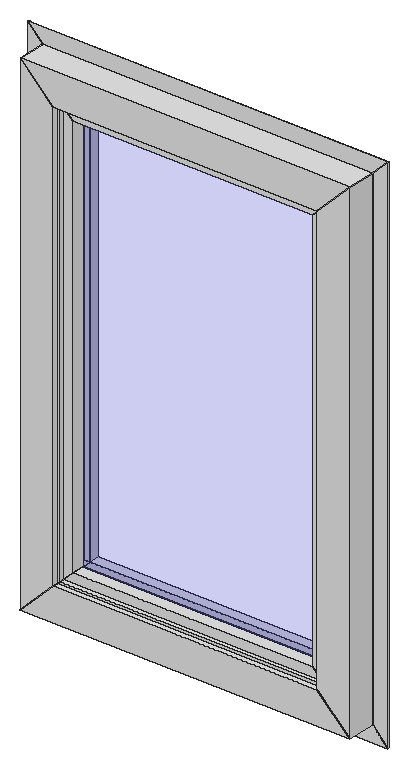
Revit family "511_CA_HR_nailfin", category Windows, host Wall, Revit 2016
Family settings
  Host = Wall
  OmniClass Number = 23.30.20.00
  OmniClass Title = Windows
  Always vertical = Yes
  Cut with Voids When Loaded = No
  Shared = No
  Room Calculation Point = No
Parameters (values of type "24x36")
  MLW = 3.2495"
  MLH = 1 / 2 * Height  # 18"
  Interior Color [instance] = White
  Height = 36"
  Exterior Color [instance] = White
  Default Sill Height = 31.49606"
  Wall Closure = By host
  Width = 24"
Types (18): name | MLH | Interior Color | Height | Exterior Color | Width
  (no name) | 18" | White | 36" | White | 24"
  24x36 | 18" | White | 36" | White | 24"
  13.5x19.75Min | 9 7/8" | none | 19 3/4" | none | 13 1/2"
  36x60Max | 30" | none | 60" | none | 36"
  30x72Max | 36" | none | 72" | none | 30"
  24x42 | 21" | none | 42" | none | 24"
  24x48 | 24" | none | 48" | none | 24"
  24x54 | 27" | none | 54" | none | 24"
  30x36 | 18" | none | 36" | none | 30"
  30x42 | 21" | none | 42" | none | 30"
  30x48 | 24" | none | 48" | none | 30"
  30x54 | 27" | none | 54" | none | 30"
  30x60 | 30" | none | 60" | none | 30"
  30x66 | 33" | none | 66" | none | 30"
  24x60 | 30" | none | 60" | none | 24"
  36x42 | 21" | none | 42" | none | 36"
  36x48 | 24" | none | 48" | none | 36"
  36x54 | 27" | none | 54" | none | 36"
Reference planes (in)
  plane 1 "Center (Front/Back)": y = 0
  plane 2 "Center (Left/Right)": x = 0
  plane 3 "Left": x = -12
  plane 4 "Right": x = 12
  plane 5 "Sill": z = 31.49606
  plane 6 "Head": z = 67.49606
  plane 7 "Exterior": y = 3.93701
  plane 8 "Interior": y = -3.93701
  plane 9 "Front of wall": y = 3.93701
  plane 10: z = 34.26132
  plane 11: z = 64.74759
  plane 12: x = -9.2505
  plane 13: x = 9.2515
  plane 14 "MLW1": x = 8.7505
  plane 15 "MLW2": x = -8.7505
  plane 16 "Front of glass": y = 4.22346
Forms (in)
  Extrusion 1, solid, material "White" <- "Interior Color"
    sketch origin (0, 0, 0) x (0, -1, 0) y (0, 0, 1)
      loop
        line (-3.47571, 34.74556) -> (-3.47571, 34.26132) -> (-4.22346, 34.26132) -> (-4.22346, 34.72234) -> (-4.25371, 34.703) -> (-5.00147, 34.703) -> (-5.00147, 34.12056) -> (-5.04146, 34.12056) -> (-5.04146, 32.11288) -> (-5.38746, 32.06425) -> (-5.38746, 31.47606) -> (-5.26246, 31.47606) -> (-5.26246, 31.51606) -> (-5.1091, 31.51606) -> (-5.07446, 31.49606) -> (-4.0116, 31.49606) -> (-4.0116, 30.37106) -> (-3.93701, 30.37106) -> (-3.93701, 31.49606) -> (-1.87451, 31.49606) -> (-1.87451, 33.88554) -> (-2.26246, 33.88554) -> (-2.26246, 34.07354) -> (-2.59146, 34.07354) -> (-2.59146, 34.74556) -> (-3.47571, 34.74556)
    from -13.125 to 13.125
  Extrusion 2, solid, material "White" <- "Interior Color"
    sketch origin (0, 0, 0) x (0, -1, 0) y (0, 0, 1)
      loop
        line (-1.88701, 65.12106) -> (-1.88701, 67.49606) -> (-3.93701, 67.49606) -> (-3.93701, 68.62106) -> (-4.01201, 68.62106) -> (-4.01201, 67.49606) -> (-5.07401, 67.49606) -> (-5.10865, 67.47606) -> (-5.25659, 67.47606) -> (-5.26201, 67.51606) -> (-5.38701, 67.51606) -> (-5.38701, 66.92787) -> (-5.04101, 66.87925) -> (-5.04101, 64.87156) -> (-5.00101, 64.87156) -> (-5.00101, 64.30847) -> (-4.26091, 64.30847) -> (-4.22301, 64.28424) -> (-4.22301, 64.74759) -> (-3.47851, 64.74759) -> (-3.47851, 64.24656) -> (-2.59101, 64.24656) -> (-2.59101, 64.93306) -> (-2.26201, 64.93306) -> (-2.26201, 65.12106) -> (-1.88701, 65.12106)
    from -13.125 to 13.125
  Extrusion 3, solid, material "White" <- "Interior Color"
    sketch origin (0, 0, 31.49606) x (0, -1, 0) y (1, 0, 0)
      loop
        line (-1.88701, -12) -> (-1.88701, -9.625) -> (-2.26201, -9.625) -> (-2.26201, -9.437) -> (-2.59101, -9.437) -> (-2.59101, -8.7505) -> (-3.47851, -8.7505) -> (-3.47851, -9.2505) -> (-4.22301, -9.2505) -> (-4.22301, -8.7882) -> (-4.26101, -8.8125) -> (-5.00101, -8.8125) -> (-5.00101, -9.3755) -> (-5.04101, -9.3755) -> (-5.04101, -11.38318) -> (-5.38701, -11.43181) -> (-5.38701, -12.02) -> (-5.26201, -12.02) -> (-5.26201, -11.98) -> (-5.10257, -11.98) -> (-5.07401, -12) -> (-4.01201, -12) -> (-4.01201, -13.125) -> (-3.93701, -13.125) -> (-3.93701, -12) -> (-1.88701, -12)
    from -1.125 to 37.125
  Extrusion 4, solid, material "White" <- "Interior Color"
    sketch origin (0, 0, 31.49606) x (0, -1, 0) y (1, 0, 0)
      loop
        line (-5.04101, 11.38318) -> (-5.04101, 9.3755) -> (-5.00101, 9.3755) -> (-5.00101, 8.8125) -> (-4.26101, 8.8125) -> (-4.22301, 8.7882) -> (-4.22301, 9.2515) -> (-3.47851, 9.2515) -> (-3.47851, 8.7505) -> (-2.59101, 8.7505) -> (-2.59101, 9.437) -> (-2.26201, 9.437) -> (-2.26201, 9.625) -> (-1.88701, 9.625) -> (-1.88701, 12) -> (-3.93701, 12) -> (-3.93701, 13.125) -> (-4.01201, 13.125) -> (-4.01201, 12) -> (-5.07401, 12) -> (-5.10257, 11.98) -> (-5.26201, 11.98) -> (-5.26201, 12.02) -> (-5.38701, 12.02) -> (-5.38701, 11.43181) -> (-5.04101, 11.38318)
    from -1.125 to 37.125
  Sweep 5, void
    path in 3D
      loop
        line (9.92555, 7.20536, 67.49606) -> (9.92555, 3.93701, 67.49606)
    profile origin (9.92555, 5.57118, 67.49606) x (1, 0, 0) y (0, 0, 1)
      loop
        line (3.36222, 1.28777) -> (-1.49101, 1.28777) -> (-1.49101, -3.18759) -> (-0.55005, -3.18759) -> (-0.55005, -2.6245) -> (3.36222, 1.28777)
  Sweep 6, void
    path in 3D
      loop
        line (9.92555, 7.20536, 67.49606) -> (9.92555, 3.93701, 67.49606)
    profile origin (9.92555, 5.57118, 67.49606) x (1, 0, 0) y (0, 0, 1)
      loop
        line (-0.55005, -2.6245) -> (-0.55005, -4.6245) -> (4.19995, -4.6245) -> (4.19995, 2.1255) -> (-0.55005, -2.6245)
  Sweep 7, void
    path in 3D
      loop
        line (-7.62085, 7.4936, 67.49606) -> (-7.62085, 3.93701, 67.49606)
    profile origin (-7.62085, 5.7153, 67.49606) x (1, 0, 0) y (0, 0, 1)
      loop
        line (-5.69663, 1.31749) -> (-1.75465, -2.6245) -> (-1.75465, -3.18759) -> (-0.68988, -3.18759) -> (-0.68988, 1.31749) -> (-5.69663, 1.31749)
  Sweep 8, void
    path in 3D
      loop
        line (-7.62085, 7.4936, 67.49606) -> (-7.62085, 3.93701, 67.49606)
    profile origin (-7.62085, 5.7153, 67.49606) x (1, 0, 0) y (0, 0, 1)
      loop
        line (-5.75465, 1.3755) -> (-5.75465, -3.98235) -> (-1.75465, -3.98235) -> (-1.75465, -2.6245) -> (-5.75465, 1.3755)
  Sweep 9, void
    path in 3D
      loop
        line (-8.24836, 7.60847, 31.49606) -> (-8.24836, 3.93701, 31.49606)
    profile origin (-8.24836, 5.77274, 31.49606) x (1, 0, 0) y (0, 0, 1)
      loop
        line (-5.41705, -1.66542) -> (0.01145, -1.66542) -> (0.01145, 3.20694) -> (-1.12714, 3.20694) -> (-1.12714, 2.6245) -> (-5.41705, -1.66542)
  Sweep 10, void
    path in 3D
      loop
        line (-8.24836, 7.60847, 31.49606) -> (-8.24836, 3.93701, 31.49606)
    profile origin (-8.24836, 5.77274, 31.49606) x (1, 0, 0) y (0, 0, 1)
      loop
        line (-1.12714, 2.6245) -> (-1.12714, 4.3745) -> (-5.12714, 4.3745) -> (-5.12714, -1.3755) -> (-1.12714, 2.6245)
  Sweep 11, void
    path in 3D
      loop
        line (10.07566, 7.2781, 31.49606) -> (10.07566, 3.93701, 31.49606)
    profile origin (10.07566, 5.60756, 31.49606) x (1, 0, 0) y (0, 0, 1)
      loop
        line (3.2174, -1.29306) -> (-0.70016, 2.6245) -> (-0.70016, 3.20694) -> (-1.70016, 3.20694) -> (-1.70016, -1.29306) -> (3.2174, -1.29306)
  Sweep 12, void
    path in 3D
      loop
        line (10.07566, 7.2781, 31.49606) -> (10.07566, 3.93701, 31.49606)
    profile origin (10.07566, 5.60756, 31.49606) x (1, 0, 0) y (0, 0, 1)
      loop
        line (3.37908, -1.45475) -> (3.37908, 3.8745) -> (-0.70016, 3.8745) -> (-0.70016, 2.6245) -> (3.37908, -1.45475)
  Extrusion 13, void
    sketch origin (0, 3.93701, 0) x (1, 0, 0) y (0, 0, 1)
      loop
        line (-13.74016, 69.23622) -> (-13.74016, 63.11692) -> (-7.62085, 63.11692) -> (-13.74016, 69.23622)
    from 0 to 12
  Extrusion 14, void
    sketch origin (0, 3.93701, 0) x (1, 0, 0) y (0, 0, 1)
      loop
        line (-14.5, 69.99606) -> (-7.93414, 63.4302) -> (-7.93414, 69.99606) -> (-14.5, 69.99606)
    from 0 to 12
  Extrusion 15, void
    sketch origin (0, 3.93701, 0) x (1, 0, 0) y (0, 0, 1)
      loop
        line (14.25, 69.74606) -> (7.58058, 69.74606) -> (7.58058, 63.07665) -> (14.25, 69.74606)
    from 0 to 12
  Extrusion 16, void
    sketch origin (0, 3.93701, 0) x (1, 0, 0) y (0, 0, 1)
      loop
        line (14.1255, 69.62156) -> (7.91414, 63.4102) -> (14.1255, 63.4102) -> (14.1255, 69.62156)
    from 0 to 12
  Extrusion 17, void
    sketch origin (0, 3.93701, 0) x (1, 0, 0) y (0, 0, 1)
      loop
        line (13.14447, 30.3516) -> (7.75736, 35.7387) -> (7.75736, 30.3516) -> (13.14447, 30.3516)
    from 0 to 12
  Extrusion 18, void
    sketch origin (0, 3.93701, 0) x (1, 0, 0) y (0, 0, 1)
      loop
        line (7.63959, 35.85648) -> (13.75984, 29.73622) -> (13.75984, 35.85648) -> (7.63959, 35.85648)
    from 0 to 12
  Extrusion 19, void
    sketch origin (0, 3.93701, 0) x (1, 0, 0) y (0, 0, 1)
      loop
        line (-8.13959, 35.37096) -> (-13.95895, 35.37096) -> (-13.95895, 29.55159) -> (-8.13959, 35.37096)
    from 0 to 12
  Extrusion 20, void
    sketch origin (0, 3.93701, 0) x (1, 0, 0) y (0, 0, 1)
      loop
        line (-14.25, 29.24606) -> (-8.11091, 29.24606) -> (-8.11091, 35.38515) -> (-14.25, 29.24606)
    from 0 to 12
  Extrusion 21, solid, material "Glass"
    sketch origin (0, 0, 0) x (0, -1, 0) y (0, 0, 1)
      loop
        line (-4.22301, 64.74759) -> (-4.22301, 34.26132) -> (-3.47571, 34.26132) -> (-3.47571, 64.74759) -> (-4.22301, 64.74759)
    from -9.2515 to 9.2505
Cuts and joins
  Sweep 5, Sweep 11, Extrusion 15, Extrusion 17 cuts Extrusion 4
  Sweep 6, Sweep 8, Extrusion 13, Extrusion 16 cuts Extrusion 2
  Sweep 7, Sweep 9, Extrusion 14, Extrusion 20 cuts Extrusion 3
  Sweep 10, Sweep 12, Extrusion 18, Extrusion 19 cuts Extrusion 1
Lines and regions (in)
  Opening 1
    outline origin (137.79528, -3.93701, 0) x (1, 0, 0) y (0, 0, 1)
      loop
        line (-125.79528, 31.49606) -> (-125.79528, 67.49606) -> (-149.79528, 67.49606) -> (-149.79528, 31.49606) -> (-125.79528, 31.49606)
  reference lines
    curve 1: line (-7.62085, 7.4936, 67.49606) -> (-7.62085, 3.93701, 67.49606)
    curve 2: line (9.92555, 7.20536, 67.49606) -> (9.92555, 3.93701, 67.49606)
    curve 3: line (-8.24836, 7.60847, 31.49606) -> (-8.24836, 3.93701, 31.49606)
    curve 4: line (10.07566, 7.2781, 31.49606) -> (10.07566, 3.93701, 31.49606)
    curve 13: line (8.7505, 3.93701, 64.24656) -> (-8.7505, 3.93701, 49.49606)
    curve 14: line (-8.7505, 3.93701, 49.49606) -> (8.7505, 3.93701, 34.74556)
  sketch lines
    curve 5: line (9.92555, 7.20536, 67.49606) -> (9.92555, 3.93701, 67.49606)
    curve 6: line (9.92555, 7.20536, 67.49606) -> (9.92555, 3.93701, 67.49606)
    curve 7: line (-7.62085, 7.4936, 67.49606) -> (-7.62085, 3.93701, 67.49606)
    curve 8: line (-7.62085, 7.4936, 67.49606) -> (-7.62085, 3.93701, 67.49606)
    curve 9: line (-8.24836, 7.60847, 31.49606) -> (-8.24836, 3.93701, 31.49606)
    curve 10: line (-8.24836, 7.60847, 31.49606) -> (-8.24836, 3.93701, 31.49606)
    curve 11: line (10.07566, 7.2781, 31.49606) -> (10.07566, 3.93701, 31.49606)
    curve 12: line (10.07566, 7.2781, 31.49606) -> (10.07566, 3.93701, 31.49606)
  model lines
    curve 15: line (8.7505, 4.22346, 64.24656) -> (-8.7505, 4.22346, 49.49606)
    curve 16: line (-8.7505, 4.22346, 49.49606) -> (8.7505, 4.22346, 34.74556)
  symbolic lines
    curve 17: line (8.7505, 3.93701, 64.24656) -> (-8.7505, 3.93701, 49.49606)
    curve 18: line (-8.7505, 3.93701, 49.49606) -> (8.7505, 3.93701, 34.74556)
Text (in)
  text "EXTERIOR" at (-77.29147, 52.45485, 0), in view "Ref. Level"
  text "INTERIOR" at (-78.01048, -32.21994, 0), in view "Ref. Level"
  text "Exterior" at (0, 36.36817, 115.8778), in view "Right"
  text "Exterior" at (0, 40.96394, 105.72475), in view "Left"
Dimensions and locks (in)
  equal spacing: plane 3 "Left", plane 2 "Center (Left/Right)", plane 4 "Right"
  "Width": plane 3 "Left" to plane 4 "Right"
  "Height": plane 5 "Sill" to plane 6 "Head"
  "Default Sill Height": plane 5 "Sill" to level
  locked: plane 7 "Exterior" to host wall at 0
  locked: plane 8 "Interior" to host wall
  locked: plane 9 "Front of wall" to Extrusion 1 sketch curve at 2.0625
  locked: Extrusion 1 sketch curve to Extrusion 1 sketch curve at 2.38948
  Extrusion 1 sketch curve to plane 5 "Sill" = 1 1/8"
  locked: plane 5 "Sill" to plane 10 at 2.76526
  locked: plane 11 to plane 6 "Head" at 2.74848
  locked: plane 9 "Front of wall" to Extrusion 2 sketch curve at 2.05
  locked: Extrusion 2 sketch curve to Extrusion 2 sketch curve at 2.375
  locked: plane 6 "Head" to Extrusion 2 sketch curve at 1.125
  locked: plane 13 to plane 4 "Right" at 2.7485
  locked: plane 3 "Left" to plane 12 at 2.7495
  locked: Extrusion 3 sketch curve to plane 3 "Left" at 1.125
  locked: Extrusion 3 sketch curve to plane 9 "Front of wall" at 2.05
  locked: Extrusion 3 sketch curve to Extrusion 3 sketch curve at 2.375
  locked: Extrusion 4 sketch curve to plane 9 "Front of wall" at 2.05
  locked: Extrusion 4 sketch curve to Extrusion 4 sketch curve at 2.375
  locked: plane 4 "Right" to Extrusion 4 sketch curve at 1.125
  locked: plane 9 "Front of wall" to cut or joined group of Extrusion 4, Sweep 5, Sweep 11, Extrusion 15, Extrusion 17 at 0.4585
  "MLW": plane 14 "MLW1" to plane 4 "Right"
  "MLW": plane 3 "Left" to plane 15 "MLW2"
  "MLH": curve 14 to plane 6 "Head"
  "MLH": plane 5 "Sill" to curve 13
  "MLW": curve 13 to plane 6 "Head"
  "MLW": plane 5 "Sill" to curve 14
  locked: plane 16 "Front of glass" to plane 9 "Front of wall" at 0.28645
  aligned and locked: plane 9 "Front of wall" to host wall
  aligned and locked: Extrusion 1 sketch curve to plane 9 "Front of wall"
  aligned and locked: Extrusion 1 sketch curve to plane 5 "Sill"  (x2)
  aligned and locked: plane 10 to Extrusion 1 sketch curve
  aligned and locked: plane 9 "Front of wall" to Extrusion 2 sketch curve
  aligned and locked: Extrusion 2 sketch curve to plane 6 "Head"  (x2)
  aligned and locked: plane 11 to Extrusion 2 sketch curve
  aligned and locked: plane 9 "Front of wall" to Extrusion 3 sketch curve
  aligned and locked: plane 3 "Left" to Extrusion 3 sketch curve  (x2)
  aligned and locked: Extrusion 3 sketch curve to plane 12
  aligned and locked: plane 13 to Extrusion 4 sketch curve
  aligned and locked: Extrusion 4 sketch curve to plane 4 "Right"  (x2)
  aligned and locked: plane 9 "Front of wall" to Extrusion 4 sketch curve
  aligned and locked: Extrusion 4 to Extrusion 1  (x2)
  aligned and locked: Extrusion 1 to Extrusion 3  (x2)
  aligned and locked: Extrusion 2 to Extrusion 4  (x2)
  aligned and locked: Extrusion 3 to Extrusion 2  (x2)
  aligned and locked: plane 9 "Front of wall" to curve 2
  aligned and locked: plane 9 "Front of wall" to curve 1
  aligned and locked: plane 9 "Front of wall" to curve 4
  aligned and locked: plane 9 "Front of wall" to curve 3
  aligned and locked: plane 11 to Extrusion 21 sketch curve
  aligned and locked: Extrusion 21 sketch curve to plane 10
  aligned and locked: plane 12 to Extrusion 21
  aligned and locked: Extrusion 21 to plane 13
  aligned and locked: plane 14 "MLW1" to curve 14
  aligned and locked: plane 14 "MLW1" to curve 13
  aligned and locked: plane 15 "MLW2" to curve 14
  aligned and locked: plane 15 "MLW2" to curve 13
  aligned and locked: curve 14 to curve 16
  aligned and locked: curve 13 to curve 15
  aligned and locked: curve 14 to curve 18
  aligned and locked: curve 13 to curve 17
Automatic sketch dimensions
  Opening 1 sketch curve to plane 3 "Left" = 0"
  Opening 1 sketch curve to plane 4 "Right" = 0"
  Opening 1 sketch curve to plane 5 "Sill" = 0"
  Opening 1 sketch curve to plane 6 "Head" = 0"
  Extrusion 1 sketch curve to Extrusion 1 sketch curve = 0.07459"
  Extrusion 1 sketch curve to Extrusion 1 sketch curve = 0.03025"
  Extrusion 1 sketch curve to Extrusion 1 sketch curve = 0.74775"
  Extrusion 1 sketch curve to Extrusion 1 sketch curve = 0.03999"
  Extrusion 1 sketch curve to Extrusion 1 sketch curve = 0.033"
  Extrusion 1 sketch curve to plane 5 "Sill" = 0.02"
  Extrusion 1 sketch curve to Extrusion 1 sketch curve = 0.03464"
  plane 5 "Sill" to Extrusion 1 sketch curve = 0.02"
  Extrusion 1 sketch curve to Extrusion 1 sketch curve = 0.15336"
  Extrusion 1 sketch curve to plane 5 "Sill" = 0.56819"
  Extrusion 1 sketch curve to Extrusion 1 sketch curve = 0.346"
  Extrusion 1 sketch curve to Extrusion 1 sketch curve = 0.88425"
  Extrusion 1 sketch curve to Extrusion 1 sketch curve = 0.329"
  Extrusion 1 sketch curve to Extrusion 1 sketch curve = 0.04863"
  Extrusion 1 sketch curve to Extrusion 1 sketch curve = 2.00768"
  Extrusion 1 sketch curve to Extrusion 1 sketch curve = 0.18778"
  Extrusion 1 sketch curve to Extrusion 1 sketch curve = 0.44168"
  Extrusion 1 sketch curve to Extrusion 1 sketch curve = 0.01934"
  plane 6 "Head" to Extrusion 2 sketch curve = 0.02"
  Extrusion 2 sketch curve to Extrusion 2 sketch curve = 0.14794"
  Extrusion 2 sketch curve to plane 6 "Head" = 0.02"
  Extrusion 2 sketch curve to Extrusion 2 sketch curve = 0.00542"
  Extrusion 2 sketch curve to Extrusion 2 sketch curve = 0.03464"
  Extrusion 2 sketch curve to plane 11 = 0.12398"
  host wall to Extrusion 2 sketch curve = 1.104"
  Extrusion 2 sketch curve to Extrusion 2 sketch curve = 0.04"
  host wall to Extrusion 2 sketch curve = 0.3239"
  Extrusion 2 sketch curve to Extrusion 2 sketch curve = 0.0379"
  plane 11 to Extrusion 2 sketch curve = 0.43912"
  Extrusion 2 sketch curve to Extrusion 2 sketch curve = 0.02423"
  host wall to Extrusion 2 sketch curve = 0.075"
  Extrusion 2 sketch curve to Extrusion 2 sketch curve = 1/8"
  Extrusion 2 sketch curve to Extrusion 2 sketch curve = 0.54819"
  Extrusion 2 sketch curve to Extrusion 2 sketch curve = 0.346"
  Extrusion 2 sketch curve to Extrusion 2 sketch curve = 0.04863"
  Extrusion 2 sketch curve to Extrusion 2 sketch curve = 0.8875"
  Extrusion 2 sketch curve to plane 11 = 0.18548"
  Extrusion 2 sketch curve to Extrusion 2 sketch curve = 0.329"
  Extrusion 3 sketch curve to Extrusion 3 sketch curve = 0.329"
  Extrusion 3 sketch curve to Extrusion 3 sketch curve = 3/8"
  plane 12 to Extrusion 3 sketch curve = 0.1865"
  Extrusion 3 sketch curve to host wall = 0.4585"
  Extrusion 3 sketch curve to Extrusion 3 sketch curve = 0.038"
  plane 12 to Extrusion 3 sketch curve = 1/8"
  Extrusion 3 sketch curve to plane 12 = 0.438"
  Extrusion 3 sketch curve to Extrusion 3 sketch curve = 0.0243"
  Extrusion 3 sketch curve to Extrusion 3 sketch curve = 0.03999"
  Extrusion 3 sketch curve to plane 3 "Left" = 0.61682"
  Extrusion 3 sketch curve to plane 3 "Left" = 0.56819"
  Extrusion 3 sketch curve to Extrusion 3 sketch curve = 0.346"
  plane 3 "Left" to Extrusion 3 sketch curve = 0.02"
  host wall to Extrusion 3 sketch curve = 0.075"
  Extrusion 3 sketch curve to Extrusion 3 sketch curve = 0.313"
  Extrusion 3 sketch curve to Extrusion 3 sketch curve = 1/8"
  Extrusion 3 sketch curve to plane 3 "Left" = 0.02"
  Extrusion 3 sketch curve to Extrusion 3 sketch curve = 0.02856"
  host wall to Extrusion 4 sketch curve = 0.324"
  plane 13 to Extrusion 4 sketch curve = 0.439"
  Extrusion 4 sketch curve to Extrusion 4 sketch curve = 0.74001"
  host wall to Extrusion 4 sketch curve = 1.104"
  Extrusion 4 sketch curve to Extrusion 4 sketch curve = 0.038"
  Extrusion 4 sketch curve to Extrusion 4 sketch curve = 0.0243"
  Extrusion 4 sketch curve to plane 13 = 0.124"
  plane 4 "Right" to Extrusion 4 sketch curve = 0.61682"
  Extrusion 4 sketch curve to plane 4 "Right" = 0.02"
  Extrusion 4 sketch curve to Extrusion 4 sketch curve = 0.346"
  Extrusion 4 sketch curve to Extrusion 4 sketch curve = 1/8"
  Extrusion 4 sketch curve to Extrusion 4 sketch curve = 0.04863"
  plane 4 "Right" to Extrusion 4 sketch curve = 0.02"
  Extrusion 4 sketch curve to Extrusion 4 sketch curve = 0.15944"
  Extrusion 4 sketch curve to Extrusion 4 sketch curve = 0.02856"
  host wall to Extrusion 4 sketch curve = 0.075"
  Extrusion 4 sketch curve to Extrusion 4 sketch curve = 0.8875"
  Extrusion 4 sketch curve to plane 13 = 0.1855"
  Extrusion 4 sketch curve to Extrusion 4 sketch curve = 0.329"
  curve 1 to plane 12 = 1.62965"
  curve 2 to plane 13 = 0.67405"
  host wall to curve 2 = 3.26835"
  host wall to curve 1 = 3.55659"
  curve 3 to plane 12 = 1.00214"
  curve 4 to plane 13 = 0.82416"
  curve 4 to curve 4 = 3.3411"
  curve 3 to curve 3 = 3.67147"
  profile plane to Sweep 5 sketch curve = 1.49101"
  profile plane to Sweep 5 sketch curve = 0.55005"
  Sweep 5 sketch curve to profile plane = 3.18759"
  Sweep 5 sketch curve to Sweep 5 sketch curve = 0.56309"
  Sweep 5 sketch curve to profile plane = 3.36222"
  profile plane to Sweep 5 sketch curve = 1.28777"
  profile plane to Sweep 6 sketch curve = 0.55005"
  Sweep 6 sketch curve to profile plane = 4.6245"
  Sweep 6 sketch curve to Sweep 6 sketch curve = 2"
  Sweep 6 sketch curve to profile plane = 4.19995"
  profile plane to Sweep 6 sketch curve = 2.1255"
  profile plane to Sweep 7 sketch curve = 1.75465"
  profile plane to Sweep 7 sketch curve = 0.68988"
  Sweep 7 sketch curve to profile plane = 3.18759"
  Sweep 7 sketch curve to Sweep 7 sketch curve = 0.56309"
  Sweep 7 sketch curve to Sweep 7 sketch curve = 5.00675"
  profile plane to Sweep 7 sketch curve = 1.31749"
  profile plane to Sweep 8 sketch curve = 5.75465"
  profile plane to Sweep 8 sketch curve = 1.75465"
  Sweep 8 sketch curve to profile plane = 3.98235"
  Sweep 8 sketch curve to Sweep 8 sketch curve = 1.35785"
  profile plane to Sweep 8 sketch curve = 1.3755"
  profile plane to Sweep 9 sketch curve = 1.12714"
  Sweep 9 sketch curve to profile plane = 0.01145"
  profile plane to Sweep 9 sketch curve = 2.6245"
  Sweep 9 sketch curve to Sweep 9 sketch curve = 0.58244"
  profile plane to Sweep 9 sketch curve = 5.41705"
  Sweep 9 sketch curve to profile plane = 1.66542"
  profile plane to Sweep 10 sketch curve = 1.12714"
  profile plane to Sweep 10 sketch curve = 2.6245"
  Sweep 10 sketch curve to Sweep 10 sketch curve = 1 3/4"
  profile plane to Sweep 10 sketch curve = 5.12714"
  Sweep 10 sketch curve to profile plane = 1.3755"
  profile plane to Sweep 11 sketch curve = 1.70016"
  profile plane to Sweep 11 sketch curve = 0.70016"
  profile plane to Sweep 11 sketch curve = 2.6245"
  Sweep 11 sketch curve to Sweep 11 sketch curve = 0.58244"
  Sweep 11 sketch curve to profile plane = 3.2174"
  Sweep 11 sketch curve to profile plane = 1.29306"
  profile plane to Sweep 12 sketch curve = 0.70016"
  profile plane to Sweep 12 sketch curve = 2.6245"
  Sweep 12 sketch curve to Sweep 12 sketch curve = 1 1/4"
  Sweep 12 sketch curve to profile plane = 1.45475"
  Sweep 12 sketch curve to profile plane = 3.37908"
  plane 3 "Left" to Extrusion 13 sketch curve = 1.74016"
  Extrusion 13 sketch curve to plane 6 "Head" = 1.74016"
  Extrusion 13 sketch curve to plane 12 = 1.62965"
  plane 11 to Extrusion 13 sketch curve = 1.63067"
  plane 3 "Left" to Extrusion 14 sketch curve = 2 1/2"
  Extrusion 14 sketch curve to plane 6 "Head" = 2 1/2"
  Extrusion 14 sketch curve to plane 12 = 1.31636"
  plane 11 to Extrusion 14 sketch curve = 1.31739"
  Extrusion 15 sketch curve to plane 4 "Right" = 2 1/4"
  Extrusion 15 sketch curve to plane 6 "Head" = 2 1/4"
  plane 13 to Extrusion 15 sketch curve = 1.67092"
  plane 11 to Extrusion 15 sketch curve = 1.67094"
  plane 13 to Extrusion 16 sketch curve = 1.33736"
  plane 11 to Extrusion 16 sketch curve = 1.33739"
  Extrusion 16 sketch curve to plane 4 "Right" = 2.1255"
  Extrusion 16 sketch curve to plane 6 "Head" = 2.1255"
  Extrusion 17 sketch curve to plane 4 "Right" = 1.14447"
  plane 13 to Extrusion 17 sketch curve = 1.49414"
  Extrusion 17 sketch curve to plane 10 = 1.47738"
  plane 5 "Sill" to Extrusion 17 sketch curve = 1.14447"
  Extrusion 18 sketch curve to plane 4 "Right" = 1.75984"
  plane 5 "Sill" to Extrusion 18 sketch curve = 1.75984"
  plane 13 to Extrusion 18 sketch curve = 1.61191"
  Extrusion 18 sketch curve to plane 10 = 1.59515"
  plane 3 "Left" to Extrusion 19 sketch curve = 1.95895"
  plane 5 "Sill" to Extrusion 19 sketch curve = 1.94447"
  Extrusion 19 sketch curve to plane 12 = 1.11091"
  Extrusion 19 sketch curve to plane 10 = 1.10964"
  plane 3 "Left" to Extrusion 20 sketch curve = 2 1/4"
  Extrusion 20 sketch curve to plane 12 = 1.13959"
  Extrusion 20 sketch curve to plane 10 = 1.12383"
  plane 5 "Sill" to Extrusion 20 sketch curve = 2 1/4"
  host wall to Extrusion 21 sketch curve = 0.286"
  plane 14 "MLW1" to curve 15 = 0"
  plane 14 "MLW1" to curve 16 = 0"
  plane 14 "MLW1" to curve 18 = 0"
  plane 14 "MLW1" to curve 17 = 0"
  Extrusion 2 sketch curve to host wall = 0.4585"
  plane 11 to Extrusion 2 sketch curve = 0.50102"
  Extrusion 1 sketch curve to plane 16 "Front of glass" = 0"
  Extrusion 1 sketch curve to host wall = 0.4613"
  Extrusion 1 sketch curve to Extrusion 1 sketch curve = 0.48424"
  Extrusion 21 sketch curve to host wall = 0.4613"
  Extrusion 3 sketch curve to plane 15 "MLW2" = 0"
  Extrusion 3 sketch curve to plane 16 "Front of glass" = 0.00045"
  plane 16 "Front of glass" to Extrusion 3 sketch curve = 0.77755"
  Extrusion 4 sketch curve to plane 14 "MLW1" = 0"
  Extrusion 4 sketch curve to host wall = 0.4585"
